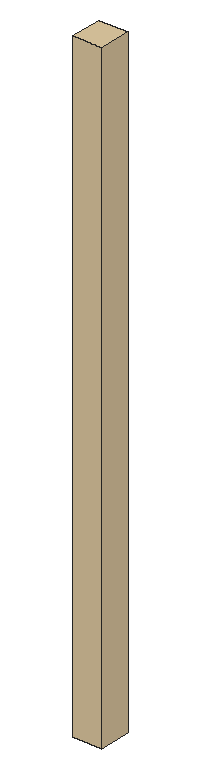
Revit family "b8def95ae48e4756949394a2d0fa2d89", category Structural Columns, Revit 2021
Family settings
  Section Shape = Not Defined
  Material for Model Behavior = Wood
  Always export as geometry = No
  Beam cutback in plan = From bounding box
  OmniClass Number = 23.25.30.11.14.11
  OmniClass Title = Columns
  Seek Item ID = Glulam-Southern Pine-Column-0000-USA-ENU
  Cut with Voids When Loaded = No
  Symbolic Representation = From Project Settings
  Shared = No
  Show family pre-cut in plan views = Yes
Parameters (values of type "5x5.5")
  Structural Material [instance] = Softwood, Lumber
  A = 27.36 in²
  Assembly Code = "B10"
  Ix = 69.32
  Iy = 57.29
  Laminations = "4"
  Sx = 25.21
  Sy = 22.92
  b = 0' - 5"
  d = 0' - 5 1/2"
Types (2): name | A | Ix | Iy | Sx | Sy | b
  5x5.5 | 27.36 in² | 69.32 | 57.29 | 25.21 | 22.92 | 0' - 5"
  3x5.5 | 15.84 in² | 41.59 | 12.38 | 15.13 | 8.25 | 0' - 3"
Reference planes (in)
  plane 1 "Center (Front/Back)": y = 0
  plane 2: z = 0
  plane 3 "Center (Left/Right)": x = 0
  plane 4: x = -2.5
  plane 5: x = 2.5
  plane 6: y = 2.75
  plane 7: y = -2.75
Forms (in)
  Extrusion 1, solid, material "Softwood, Lumber" <- "Structural Material", detail levels medium+fine
    sketch origin (0, 0, 0) x (1, 0, 0) y (0, 1, 0)
      loop
        line (-2.5, 2.75) -> (-2.5, -2.75) -> (2.5, -2.75) -> (2.5, 2.75) -> (-2.5, 2.75)
    from 0 to 108
Lines and regions (in)
  symbolic lines, style "StructuralColumnStickSymbols", detail levels coarse
    curve 1: line (-2.5, 2.75, 0) -> (2.5, 2.75, 0)
    curve 2: line (-2.5, -2.75, 0) -> (2.5, -2.75, 0)
    curve 3: line (-2.5, 2.75, 0) -> (-2.5, -2.75, 0)
    curve 4: line (2.5, 2.75, 0) -> (2.5, -2.75, 0)
Dimensions and locks (in)
  equal spacing: plane 4, plane 3 "Center (Left/Right)", plane 5
  equal spacing: plane 7, plane 1 "Center (Front/Back)", plane 6
  "d": plane 7 to plane 6
  "b": plane 4 to plane 5
  aligned and locked: plane 6 to Extrusion 1 sketch curve
  aligned and locked: Extrusion 1 sketch curve to plane 7
  aligned and locked: Extrusion 1 sketch curve to plane 4
  aligned and locked: plane 5 to Extrusion 1 sketch curve
  aligned and locked: level to Extrusion 1
  aligned and locked: level to plane 2
  aligned and locked: Extrusion 1 to plane 2
Automatic sketch dimensions
  curve 3 to plane 4 = 0' - 0"
  curve 4 to plane 5 = 0' - 0"
  curve 3 to plane 7 = 0' - 0"
  curve 3 to plane 6 = 0' - 0"
